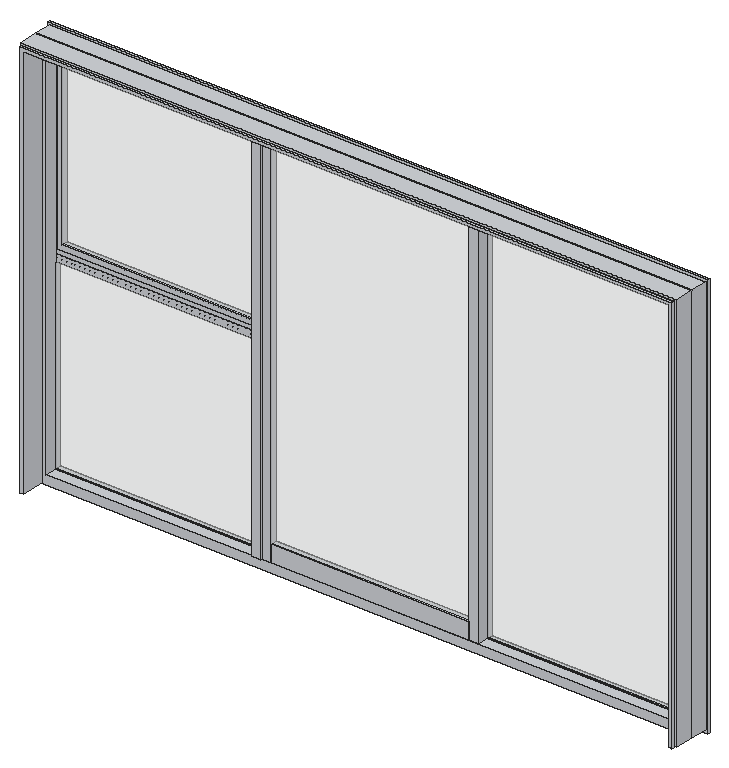
Revit family "APL Residential Thermal Heart Sliding Door FSF with Sidelight", category Doors, host Wall, Revit 2017 (continued)
Definition of nested family "APL Residential Thermal Heart Sliding Door FSF with Sidelight Vertical Section"
  Definition of nested family "Head Sash"
    Definition of nested family "65720_Sash"
      Lines and regions (mm)
        model lines, in view "Ref. Level"
          curve 39: arc (20.1, -5.753, 0) -> (20.126, -5.875, 0) -> (20.2, -5.976, 0) r 0.3
          curve 40: arc (20.2, -5.976, 0) -> (20.28, -6.307, 0) -> (20, -6.5, 0) r 0.3
          curve 41: arc (17.779, -5.957, 0) -> (17.69, -5.905, 0) -> (17.638, -5.816, 0) r 0.2
          curve 42: arc (17.593, -5.648, 0) -> (17.452, -5.507, 0) -> (17.259, -5.559, 0) r 0.2
          curve 43: arc (16.895, -5.922, 0) -> (16.835, -6.008, 0) -> (16.808, -6.108, 0) r 0.3
          curve 44: arc (16.601, -8.474, 0) -> (16.717, -8.738, 0) -> (17.003, -8.782, 0) r 0.3
          curve 45: arc (18.413, -8.268, 0) -> (18.539, -8.181, 0) -> (18.605, -8.043, 0) r 0.3
          curve 46: arc (18.605, -8.043, 0) -> (18.878, -7.801, 0) -> (19.183, -8, 0) r 0.3
          curve 47: arc (38.5, -8, 0) -> (38.855, -8.145, 0) -> (39, -8.5, 0) r 0.496
          curve 48: arc (37.5, -13.6, 0) -> (36.793, -13.893, 0) -> (36.5, -14.6, 0) r 1
          curve 49: arc (36.5, -15.098, 0) -> (37, -15.599, 0) -> (37.5, -15.099, 0) r 0.5
          curve 50: arc (39.4, -19.8, 0) -> (39.1, -20.1, 0) -> (39.4, -20.4, 0) r 0.3
          curve 51: arc (37.5, -24.002, 0) -> (37.354, -23.647, 0) -> (37, -23.5, 0) r 0.5
          curve 52: arc (36.001, -23.5, 0) -> (35.859, -23.441, 0) -> (35.8, -23.3, 0) r 0.2
          curve 53: arc (35.8, -23.308, 0) -> (35.697, -23.003, 0) -> (35.429, -22.825, 0) r 0.5
          curve 54: arc (34.552, -22.589, 0) -> (34.378, -22.624, 0) -> (34.3, -22.783, 0) r 0.2
          curve 55: arc (34.52, -24.835, 0) -> (34.588, -24.953, 0) -> (34.717, -25, 0) r 0.2
          curve 56: arc (36, -26.8, 0) -> (36.059, -26.941, 0) -> (36.2, -27, 0) r 0.2
          curve 57: arc (40.6, -27, 0) -> (40.741, -26.941, 0) -> (40.8, -26.8, 0) r 0.2
          curve 58: arc (40.8, 9.2, 0) -> (40.2, 9.801, 0) -> (39.6, 9.2, 0) r 0.6
          curve 59: arc (34.719, 4.17, 0) -> (34.38, 4.303, 0) -> (34.221, 4.63, 0) r 0.5
          curve 60: arc (34.221, 4.63, 0) -> (34.008, 5.519, 0) -> (33.531, 6.299, 0) r 2.93
          curve 61: arc (33.531, 6.299, 0) -> (33.518, 6.54, 0) -> (33.747, 6.618, 0) r 0.2
          curve 62: arc (33.747, 6.618, 0) -> (34.115, 6.712, 0) -> (34.181, 7.087, 0) r 0.35
          curve 63: arc (34.181, 7.087, 0) -> (33.629, 7.751, 0) -> (32.801, 8, 0) r 1.498
          curve 64: arc (19.183, 8, 0) -> (18.878, 7.801, 0) -> (18.605, 8.043, 0) r 0.3
          curve 65: arc (18.605, 8.043, 0) -> (18.539, 8.181, 0) -> (18.413, 8.268, 0) r 0.3
          curve 66: arc (17.003, 8.782, 0) -> (16.717, 8.738, 0) -> (16.601, 8.474, 0) r 0.3
          curve 67: arc (16.808, 6.108, 0) -> (16.835, 6.008, 0) -> (16.895, 5.922, 0) r 0.3
          curve 68: arc (17.259, 5.559, 0) -> (17.452, 5.507, 0) -> (17.593, 5.648, 0) r 0.2
          curve 69: arc (17.638, 5.816, 0) -> (17.69, 5.905, 0) -> (17.779, 5.957, 0) r 0.2
          curve 70: arc (20, 6.5, 0) -> (20.28, 6.307, 0) -> (20.2, 5.976, 0) r 0.3
          curve 71: arc (20.2, 5.976, 0) -> (20.126, 5.875, 0) -> (20.1, 5.753, 0) r 0.3
          curve 72: arc (20.294, 1.75, 0) -> (20.258, 1.578, 0) -> (20.1, 1.5, 0) r 0.2
          curve 73: arc (19.579, 1.5, 0) -> (19.498, 1.511, 0) -> (19.423, 1.544, 0) r 0.3
          curve 74: arc (18.169, 2.309, 0) -> (18.172, 2.479, 0) -> (18.066, 2.611, 0) r 0.25
          curve 75: arc (17.98, 2.663, 0) -> (17.728, 2.668, 0) -> (17.6, 2.45, 0) r 0.25
          curve 76: arc (17.6, 0.874, 0) -> (17.682, 0.477, 0) -> (17.915, 0.146, 0) r 1
          curve 77: arc (28.892, 6.6, 0) -> (29.073, 6.485, 0) -> (29.046, 6.272, 0) r 0.2
          curve 78: arc (29.046, 6.272, 0) -> (28.37, 4.41, 0) -> (29.034, 2.543, 0) r 2.93
          curve 79: arc (29.034, 2.543, 0) -> (30.019, 2.445, 0) -> (30.116, 3.43, 0) r 0.7
          curve 80: arc (30.116, 3.43, 0) -> (29.77, 4.4, 0) -> (30.116, 5.37, 0) r 1.53
          curve 81: arc (30.116, 5.37, 0) -> (30.208, 5.514, 0) -> (30.262, 5.676, 0) r 0.7
          curve 82: arc (30.262, 5.676, 0) -> (30.359, 5.888, 0) -> (30.541, 6.032, 0) r 0.5
          curve 83: arc (30.541, 6.032, 0) -> (31.3, 6.2, 0) -> (32.059, 6.032, 0) r 1.8
          curve 84: arc (32.059, 6.032, 0) -> (32.241, 5.888, 0) -> (32.338, 5.676, 0) r 0.5
          curve 85: arc (32.338, 5.676, 0) -> (32.392, 5.514, 0) -> (32.484, 5.37, 0) r 0.7
          curve 86: arc (32.484, 5.37, 0) -> (32.83, 4.4, 0) -> (32.484, 3.43, 0) r 1.53
          curve 87: arc (32.484, 3.43, 0) -> (32.581, 2.445, 0) -> (33.566, 2.543, 0) r 0.7
          curve 88: arc (33.566, 2.543, 0) -> (33.647, 2.645, 0) -> (33.722, 2.751, 0) r 2.93
          curve 89: arc (33.722, 2.751, 0) -> (33.902, 2.912, 0) -> (34.135, 2.97, 0) r 0.5
          curve 90: arc (38.899, 2.97, 0) -> (39.253, 2.824, 0) -> (39.4, 2.47, 0) r 0.5
          curve 91: arc (39.4, -6.3, 0) -> (39.254, -6.654, 0) -> (38.9, -6.8, 0) r 0.5
          curve 92: arc (22.502, -6.8, 0) -> (22.147, -6.654, 0) -> (22, -6.3, 0) r 0.5
          curve 93: line (17.6, -0.874, 0) -> (17.6, -2.45, 0)
          curve 94: line (18.169, -2.309, 0) -> (19.422, -1.544, 0)
          curve 95: line (19.422, -1.544, 0) -> (20.1, -1.5, 0)
          curve 96: line (20.294, -1.75, 0) -> (20.106, -2.475, 0)
          curve 97: line (20.106, -2.475, 0) -> (20.1, -5.753, 0)
          curve 98: line (19.846, -6.5, 0) -> (17.779, -5.957, 0)
          curve 99: line (17.779, -5.957, 0) -> (17.593, -5.648, 0)
          curve 100: line (17.259, -5.559, 0) -> (16.895, -5.922, 0)
          curve 101: line (16.808, -6.108, 0) -> (16.601, -8.474, 0)
          curve 102: line (17.003, -8.782, 0) -> (18.413, -8.268, 0)
          curve 103: line (19.183, -8, 0) -> (38.5, -8, 0)
          curve 104: line (39, -8.5, 0) -> (39, -13.6, 0)
          curve 105: line (39, -13.6, 0) -> (37.5, -13.6, 0)
          curve 106: line (36.5, -14.6, 0) -> (36.5, -15.098, 0)
          curve 107: line (37.5, -15.099, 0) -> (37.5, -14.6, 0)
          curve 108: line (37.5, -14.6, 0) -> (39.4, -14.6, 0)
          curve 109: line (39.4, -14.6, 0) -> (39.4, -19.8, 0)
          curve 110: line (39.4, -20.4, 0) -> (39.4, -25.6, 0)
          curve 111: line (39.4, -25.6, 0) -> (37.5, -25.6, 0)
          curve 112: line (37.5, -25.6, 0) -> (37.5, -24.002, 0)
          curve 113: line (37, -23.5, 0) -> (36.001, -23.5, 0)
          curve 114: line (35.429, -22.825, 0) -> (34.552, -22.589, 0)
          curve 115: line (34.3, -22.783, 0) -> (34.3, -23.589, 0)
          curve 116: line (34.3, -23.589, 0) -> (34.52, -24.835, 0)
          curve 117: line (34.717, -25, 0) -> (36, -25, 0)
          curve 118: line (36, -25, 0) -> (36, -26.8, 0)
          curve 119: line (36.2, -27, 0) -> (40.6, -27, 0)
          curve 120: line (40.8, -26.8, 0) -> (40.8, 9.2, 0)
          curve 121: line (39.6, 9.2, 0) -> (39.6, 4.17, 0)
          curve 122: line (39.6, 4.17, 0) -> (34.719, 4.17, 0)
          curve 123: line (32.801, 8, 0) -> (24.7, 8, 0)
          curve 124: line (24.7, 8, 0) -> (24.3, 7.6, 0)
          curve 125: line (24.3, 7.6, 0) -> (23.9, 8, 0)
          curve 126: line (23.9, 8, 0) -> (19.183, 8, 0)
          curve 127: line (18.413, 8.268, 0) -> (17.003, 8.782, 0)
          curve 128: line (16.601, 8.474, 0) -> (16.808, 6.108, 0)
          curve 129: line (16.895, 5.922, 0) -> (17.259, 5.559, 0)
          curve 130: line (17.593, 5.648, 0) -> (17.638, 5.816, 0)
          curve 131: line (17.638, 5.816, 0) -> (19.768, 6.49, 0)
          curve 132: line (19.768, 6.49, 0) -> (20, 6.5, 0)
          curve 133: line (20.1, 5.753, 0) -> (20.1, 2.525, 0)
          curve 134: line (20.1, 2.525, 0) -> (20.294, 1.75, 0)
          curve 135: line (20.1, 1.5, 0) -> (19.579, 1.5, 0)
          curve 136: line (19.579, 1.5, 0) -> (18.169, 2.309, 0)
          curve 137: line (17.6, 2.45, 0) -> (17.6, 0.874, 0)
          curve 138: line (22.5, 6.6, 0) -> (28.892, 6.6, 0)
          curve 139: line (34.135, 2.97, 0) -> (38.899, 2.97, 0)
          curve 140: line (39.4, 2.47, 0) -> (39.4, -6.3, 0)
          curve 141: line (38.9, -6.8, 0) -> (22.502, -6.8, 0)
          curve 142: line (22, -6.3, 0) -> (22, 6.1, 0)
          curve 143: arc (22, 6.1, 0) -> (22.146, 6.454, 0) -> (22.5, 6.6, 0) r 0.5
          curve 144: arc (12.714, 14.359, 0) -> (13.138, 14.183, 0) -> (13.314, 13.759, 0) r 0.6
          curve 145: arc (13.633, 5.978, 0) -> (13.937, 5.291, 0) -> (14.633, 5.009, 0) r 1
          curve 146: arc (17.054, 5.009, 0) -> (17.364, 5.05, 0) -> (17.654, 5.17, 0) r 1.2
          curve 147: arc (19.714, 6.209, 0) -> (19.996, 6.092, 0) -> (20.114, 5.809, 0) r 0.4
          curve 148: arc (20.014, 4.834, 0) -> (19.955, 4.693, 0) -> (19.814, 4.634, 0) r 0.2
          curve 149: arc (19.617, 4.653, 0) -> (19.041, 4.615, 0) -> (18.764, 4.109, 0) r 0.6
          curve 150: arc (18.764, 4.109, 0) -> (19.041, 3.603, 0) -> (19.617, 3.565, 0) r 0.6
          curve 151: arc (19.814, 3.584, 0) -> (19.955, 3.525, 0) -> (20.014, 3.384, 0) r 0.2
          curve 152: arc (20.114, 2.409, 0) -> (19.996, 2.126, 0) -> (19.714, 2.009, 0) r 0.4
          curve 153: arc (17.654, 3.048, 0) -> (17.364, 3.168, 0) -> (17.054, 3.209, 0) r 1.2
          curve 154: arc (8.374, 3.209, 0) -> (8.063, 3.168, 0) -> (7.774, 3.048, 0) r 1.2
          curve 155: arc (5.714, 2.009, 0) -> (5.431, 2.126, 0) -> (5.314, 2.409, 0) r 0.4
          curve 156: arc (5.414, 3.384, 0) -> (5.472, 3.525, 0) -> (5.614, 3.584, 0) r 0.2
          curve 157: arc (5.81, 3.565, 0) -> (6.386, 3.603, 0) -> (6.664, 4.109, 0) r 0.6
          curve 158: arc (6.664, 4.109, 0) -> (6.386, 4.615, 0) -> (5.81, 4.653, 0) r 0.6
          curve 159: arc (5.614, 4.634, 0) -> (5.472, 4.693, 0) -> (5.414, 4.834, 0) r 0.2
          curve 160: arc (5.314, 5.809, 0) -> (5.431, 6.092, 0) -> (5.714, 6.209, 0) r 0.4
          curve 161: arc (7.774, 5.17, 0) -> (8.063, 5.05, 0) -> (8.374, 5.009, 0) r 1.2
          curve 162: arc (10.794, 5.009, 0) -> (11.49, 5.291, 0) -> (11.794, 5.978, 0) r 1
          curve 163: line (13.314, 13.759, 0) -> (13.633, 5.978, 0)
          curve 164: line (14.633, 5.009, 0) -> (16.946, 5.009, 0)
          curve 165: line (17.654, 5.17, 0) -> (18.414, 5.609, 0)
          curve 166: line (18.414, 5.609, 0) -> (19.407, 6.182, 0)
          curve 167: line (19.407, 6.182, 0) -> (19.714, 6.209, 0)
          curve 168: line (20.114, 5.809, 0) -> (20.114, 5.309, 0)
          curve 169: line (20.114, 5.309, 0) -> (20.014, 4.834, 0)
          curve 170: line (20.014, 3.384, 0) -> (20.014, 3.009, 0)
          curve 171: line (20.014, 3.009, 0) -> (20.114, 2.409, 0)
          curve 172: line (19.714, 2.009, 0) -> (19.507, 2.009, 0)
          curve 173: line (19.507, 2.009, 0) -> (18.414, 2.609, 0)
          curve 174: line (18.414, 2.609, 0) -> (17.654, 3.048, 0)
          curve 175: line (16.946, 3.209, 0) -> (12.714, 3.209, 0)
          curve 176: line (12.714, 3.209, 0) -> (8.374, 3.209, 0)
          curve 177: line (7.774, 3.048, 0) -> (6.02, 2.036, 0)
          curve 178: line (6.02, 2.036, 0) -> (5.714, 2.009, 0)
          curve 179: line (5.314, 2.409, 0) -> (5.314, 2.909, 0)
          curve 180: line (5.314, 2.909, 0) -> (5.414, 3.384, 0)
          curve 181: line (5.414, 4.834, 0) -> (5.414, 5.209, 0)
          curve 182: line (5.414, 5.209, 0) -> (5.314, 5.809, 0)
          curve 183: line (5.714, 6.209, 0) -> (5.92, 6.209, 0)
          curve 184: line (5.92, 6.209, 0) -> (7.774, 5.17, 0)
          curve 185: line (8.374, 5.009, 0) -> (10.794, 5.009, 0)
          curve 186: line (11.794, 5.978, 0) -> (12.114, 13.768, 0)
          curve 187: arc (12.114, 13.768, 0) -> (12.293, 14.187, 0) -> (12.714, 14.359, 0) r 0.6
          curve 188: arc (5.3, -2.4, 0) -> (5.417, -2.117, 0) -> (5.7, -2, 0) r 0.4
          curve 189: arc (5.993, -2, 0) -> (6.096, -2.014, 0) -> (6.193, -2.054, 0) r 0.4
          curve 190: arc (7.721, -2.939, 0) -> (8.011, -3.059, 0) -> (8.322, -3.1, 0) r 1.2
          curve 191: arc (9.245, -3.1, 0) -> (9.818, -3.281, 0) -> (10.184, -3.758, 0) r 1
          curve 192: arc (10.977, -5.937, 0) -> (11.124, -6.128, 0) -> (11.353, -6.2, 0) r 0.4
          curve 193: arc (14.047, -6.2, 0) -> (14.276, -6.128, 0) -> (14.423, -5.937, 0) r 0.4
          curve 194: arc (15.216, -3.758, 0) -> (15.582, -3.281, 0) -> (16.155, -3.1, 0) r 1
          curve 195: arc (17.078, -3.1, 0) -> (17.389, -3.059, 0) -> (17.679, -2.939, 0) r 1.2
          curve 196: arc (19.207, -2.054, 0) -> (19.304, -2.014, 0) -> (19.407, -2, 0) r 0.4
          curve 197: arc (19.7, -2, 0) -> (19.983, -2.117, 0) -> (20.1, -2.4, 0) r 0.4
          curve 198: arc (20.1, -5.8, 0) -> (19.983, -6.083, 0) -> (19.7, -6.2, 0) r 0.4
          curve 199: arc (19.407, -6.2, 0) -> (19.304, -6.186, 0) -> (19.207, -6.146, 0) r 0.4
          curve 200: arc (17.679, -5.261, 0) -> (17.385, -5.14, 0) -> (17.07, -5.1, 0) r 1.2
          curve 201: arc (17.07, -5.1, 0) -> (16.895, -5.153, 0) -> (16.784, -5.297, 0) r 0.3
          curve 202: arc (15.896, -7.737, 0) -> (15.749, -7.928, 0) -> (15.52, -8, 0) r 0.4
          curve 203: arc (9.88, -8, 0) -> (9.651, -7.928, 0) -> (9.504, -7.737, 0) r 0.4
          curve 204: arc (8.616, -5.297, 0) -> (8.505, -5.153, 0) -> (8.33, -5.1, 0) r 0.3
          curve 205: arc (8.33, -5.1, 0) -> (8.015, -5.14, 0) -> (7.721, -5.261, 0) r 1.2
          curve 206: arc (6.193, -6.146, 0) -> (6.096, -6.186, 0) -> (5.993, -6.2, 0) r 0.4
          curve 207: arc (5.7, -6.2, 0) -> (5.417, -6.083, 0) -> (5.3, -5.8, 0) r 0.4
          curve 208: line (5.7, -2, 0) -> (5.993, -2, 0)
          curve 209: line (6.193, -2.054, 0) -> (7.721, -2.939, 0)
          curve 210: line (8.322, -3.1, 0) -> (9.245, -3.1, 0)
          curve 211: line (10.184, -3.758, 0) -> (10.977, -5.937, 0)
          curve 212: line (11.353, -6.2, 0) -> (14.047, -6.2, 0)
          curve 213: line (14.423, -5.937, 0) -> (15.216, -3.758, 0)
          curve 214: line (16.155, -3.1, 0) -> (17.078, -3.1, 0)
          curve 215: line (17.679, -2.939, 0) -> (19.207, -2.054, 0)
          curve 216: line (19.407, -2, 0) -> (19.7, -2, 0)
          curve 217: line (20.1, -2.4, 0) -> (20.1, -5.8, 0)
          curve 218: line (19.7, -6.2, 0) -> (19.407, -6.2, 0)
          curve 219: line (19.207, -6.146, 0) -> (17.679, -5.261, 0)
          curve 220: line (16.784, -5.297, 0) -> (15.896, -7.737, 0)
          curve 221: line (15.52, -8, 0) -> (9.88, -8, 0)
          curve 222: line (9.504, -7.737, 0) -> (8.616, -5.297, 0)
          curve 223: line (7.721, -5.261, 0) -> (6.193, -6.146, 0)
          curve 224: line (5.993, -6.2, 0) -> (5.7, -6.2, 0)
          curve 225: line (5.3, -5.8, 0) -> (5.3, -2.4, 0)
          curve 226: arc (7.8, -0.874, 0) -> (7.718, -0.477, 0) -> (7.485, -0.146, 0) r 1
          curve 227: arc (7.485, -0.146, 0) -> (7.422, 0, 0) -> (7.485, 0.146, 0) r 0.2
          curve 228: arc (7.485, 0.146, 0) -> (7.718, 0.477, 0) -> (7.8, 0.874, 0) r 1
          curve 229: arc (7.8, 2.449, 0) -> (7.673, 2.668, 0) -> (7.42, 2.663, 0) r 0.25
          curve 230: arc (7.334, 2.611, 0) -> (7.228, 2.479, 0) -> (7.231, 2.309, 0) r 0.25
          curve 231: arc (5.977, 1.544, 0) -> (5.902, 1.511, 0) -> (5.821, 1.5, 0) r 0.3
          curve 232: arc (5.3, 1.5, 0) -> (5.142, 1.578, 0) -> (5.106, 1.75, 0) r 0.2
          curve 233: arc (5.3, 5.753, 0) -> (5.274, 5.875, 0) -> (5.2, 5.976, 0) r 0.3
          curve 234: arc (5.2, 5.976, 0) -> (5.12, 6.307, 0) -> (5.4, 6.5, 0) r 0.3
          curve 235: arc (7.621, 5.957, 0) -> (7.71, 5.905, 0) -> (7.762, 5.816, 0) r 0.2
          curve 236: arc (7.807, 5.648, 0) -> (7.948, 5.507, 0) -> (8.141, 5.559, 0) r 0.2
          curve 237: arc (8.505, 5.922, 0) -> (8.565, 6.008, 0) -> (8.592, 6.108, 0) r 0.3
          curve 238: arc (8.799, 8.474, 0) -> (8.683, 8.738, 0) -> (8.397, 8.782, 0) r 0.3
          curve 239: arc (6.987, 8.268, 0) -> (6.861, 8.181, 0) -> (6.795, 8.043, 0) r 0.3
          curve 240: arc (6.795, 8.043, 0) -> (6.522, 7.801, 0) -> (6.217, 8, 0) r 0.3
          curve 241: arc (-3.3, 8, 0) -> (-4.007, 8.293, 0) -> (-4.3, 9, 0) r 1
          curve 242: arc (-4.3, 18.8, 0) -> (-4.241, 18.941, 0) -> (-4.1, 19, 0) r 0.2
          curve 243: arc (-3.2, 19, 0) -> (-2.493, 19.293, 0) -> (-2.2, 20, 0) r 1
          curve 244: arc (-2.2, 20.751, 0) -> (-2.7, 21.252, 0) -> (-3.2, 20.751, 0) r 0.5
          curve 245: arc (-3.2, 24.751, 0) -> (-2.7, 24.249, 0) -> (-2.2, 24.751, 0) r 0.5
          curve 246: arc (-2.2, 25.501, 0) -> (-2.493, 26.207, 0) -> (-3.199, 26.5, 0) r 0.999
          curve 247: arc (-4.7, 26.5, 0) -> (-5.407, 26.207, 0) -> (-5.7, 25.5, 0) r 1
          curve 248: arc (-5.7, -14.454, 0) -> (-5.548, -15.22, 0) -> (-5.114, -15.869, 0) r 2
          curve 249: arc (5.959, -26.941, 0) -> (6.177, -26.985, 0) -> (6.3, -26.8, 0) r 0.2
          curve 250: arc (6.3, -22.85, 0) -> (6.241, -22.709, 0) -> (6.1, -22.65, 0) r 0.2
          curve 251: arc (5.501, -22.65, 0) -> (5.359, -22.708, 0) -> (5.3, -22.85, 0) r 0.2
          curve 252: arc (5.3, -23.2, 0) -> (5.241, -23.341, 0) -> (5.1, -23.4, 0) r 0.201
          curve 253: arc (4.497, -23.4, 0) -> (4.357, -23.341, 0) -> (4.3, -23.2, 0) r 0.198
          curve 254: arc (4.3, -20.1, 0) -> (4.358, -19.96, 0) -> (4.497, -19.9, 0) r 0.2
          curve 255: arc (5.1, -19.9, 0) -> (5.241, -19.959, 0) -> (5.3, -20.1, 0) r 0.2
          curve 256: arc (5.3, -20.45, 0) -> (5.359, -20.591, 0) -> (5.5, -20.65, 0) r 0.2
          curve 257: arc (6.1, -20.65, 0) -> (6.241, -20.591, 0) -> (6.3, -20.45, 0) r 0.2
          curve 258: arc (6.3, -19.092, 0) -> (6.244, -18.951, 0) -> (6.1, -18.9, 0) r 0.184
          curve 259: arc (6.217, -8, 0) -> (6.522, -7.801, 0) -> (6.795, -8.043, 0) r 0.3
          curve 260: arc (6.795, -8.043, 0) -> (6.861, -8.181, 0) -> (6.987, -8.268, 0) r 0.3
          curve 261: arc (8.397, -8.782, 0) -> (8.683, -8.738, 0) -> (8.799, -8.474, 0) r 0.3
          curve 262: arc (8.592, -6.108, 0) -> (8.565, -6.008, 0) -> (8.505, -5.922, 0) r 0.3
          curve 263: arc (8.141, -5.559, 0) -> (7.948, -5.507, 0) -> (7.807, -5.648, 0) r 0.2
          curve 264: arc (7.762, -5.816, 0) -> (7.71, -5.905, 0) -> (7.621, -5.957, 0) r 0.2
          curve 265: arc (5.4, -6.5, 0) -> (5.12, -6.307, 0) -> (5.2, -5.976, 0) r 0.3
          curve 266: arc (5.2, -5.976, 0) -> (5.274, -5.875, 0) -> (5.3, -5.753, 0) r 0.3
          curve 267: arc (5.106, -1.75, 0) -> (5.142, -1.578, 0) -> (5.3, -1.5, 0) r 0.2
          curve 268: arc (5.82, -1.5, 0) -> (5.902, -1.511, 0) -> (5.977, -1.544, 0) r 0.3
          curve 269: arc (7.231, -2.309, 0) -> (7.228, -2.479, 0) -> (7.334, -2.611, 0) r 0.25
          curve 270: arc (7.42, -2.663, 0) -> (7.672, -2.668, 0) -> (7.8, -2.45, 0) r 0.25
          curve 271: arc (-0.454, 6.272, 0) -> (-0.427, 6.485, 0) -> (-0.608, 6.6, 0) r 0.2
          curve 272: arc (-3.4, 6.6, 0) -> (-4.107, 6.307, 0) -> (-4.4, 5.6, 0) r 1
          curve 273: arc (-4.4, -2.447, 0) -> (-4.254, -2.802, 0) -> (-3.9, -2.949, 0) r 0.5
          curve 274: arc (-2.4, -2.949, 0) -> (-1.693, -3.242, 0) -> (-1.4, -3.949, 0) r 1
          curve 275: arc (-1.4, -4.449, 0) -> (-1.9, -4.949, 0) -> (-2.4, -4.449, 0) r 0.5
          curve 276: arc (-4, -3.949, 0) -> (-4.283, -4.067, 0) -> (-4.4, -4.349, 0) r 0.4
          curve 277: arc (-4.4, -9.05, 0) -> (-4, -9.45, 0) -> (-4.4, -9.85, 0) r 0.4
          curve 278: arc (-4.4, -14.452, 0) -> (-4.347, -14.721, 0) -> (-4.195, -14.949, 0) r 0.7
          curve 279: arc (-2.4, -14.449, 0) -> (-1.9, -13.949, 0) -> (-1.4, -14.449, 0) r 0.5
          curve 280: arc (-1.4, -15.007, 0) -> (-1.602, -15.609, 0) -> (-2.125, -15.969, 0) r 1
          curve 281: arc (-2.125, -15.969, 0) -> (-2.472, -16.324, 0) -> (-2.341, -16.803, 0) r 0.5
          curve 282: arc (2.959, -22.103, 0) -> (3.177, -22.146, 0) -> (3.3, -21.962, 0) r 0.2
          curve 283: line (7.8, 0.874, 0) -> (7.8, 2.449, 0)
          curve 284: line (7.231, 2.309, 0) -> (5.977, 1.544, 0)
          curve 285: line (5.977, 1.544, 0) -> (5.3, 1.5, 0)
          curve 286: line (5.106, 1.75, 0) -> (5.294, 2.475, 0)
          curve 287: line (5.294, 2.475, 0) -> (5.3, 5.753, 0)
          curve 288: line (5.554, 6.5, 0) -> (7.621, 5.957, 0)
          curve 289: line (7.621, 5.957, 0) -> (7.807, 5.648, 0)
          curve 290: line (8.141, 5.559, 0) -> (8.505, 5.922, 0)
          curve 291: line (8.592, 6.108, 0) -> (8.799, 8.474, 0)
          curve 292: line (8.397, 8.782, 0) -> (6.987, 8.268, 0)
          curve 293: line (6.217, 8, 0) -> (-3.3, 8, 0)
          curve 294: line (-4.3, 9, 0) -> (-4.3, 18.8, 0)
          curve 295: line (-4.1, 19, 0) -> (-3.2, 19, 0)
          curve 296: line (-2.2, 20, 0) -> (-2.2, 20.751, 0)
          curve 297: line (-3.2, 20.751, 0) -> (-3.2, 20, 0)
          curve 298: line (-3.2, 20, 0) -> (-4.7, 20, 0)
          curve 299: line (-4.7, 20, 0) -> (-4.7, 25.5, 0)
          curve 300: line (-4.7, 25.5, 0) -> (-3.2, 25.5, 0)
          curve 301: line (-3.2, 25.5, 0) -> (-3.2, 24.751, 0)
          curve 302: line (-2.2, 24.751, 0) -> (-2.2, 25.501, 0)
          curve 303: line (-3.199, 26.5, 0) -> (-4.7, 26.5, 0)
          curve 304: line (-5.7, 25.5, 0) -> (-5.7, -14.454, 0)
          curve 305: line (-5.114, -15.869, 0) -> (5.959, -26.941, 0)
          curve 306: line (6.3, -26.8, 0) -> (6.3, -22.85, 0)
          curve 307: line (6.1, -22.65, 0) -> (5.501, -22.65, 0)
          curve 308: line (5.3, -22.85, 0) -> (5.3, -23.2, 0)
          curve 309: line (5.1, -23.4, 0) -> (4.497, -23.4, 0)
          curve 310: line (4.3, -23.2, 0) -> (4.3, -20.1, 0)
          curve 311: line (4.497, -19.9, 0) -> (5.1, -19.9, 0)
          curve 312: line (5.3, -20.1, 0) -> (5.3, -20.45, 0)
          curve 313: line (5.5, -20.65, 0) -> (6.1, -20.65, 0)
          curve 314: line (6.3, -20.45, 0) -> (6.3, -19.092, 0)
          curve 315: line (6.1, -18.9, 0) -> (4.6, -18.9, 0)
          curve 316: line (4.6, -18.9, 0) -> (4.6, -8, 0)
          curve 317: line (4.6, -8, 0) -> (6.217, -8, 0)
          curve 318: line (6.987, -8.268, 0) -> (8.397, -8.782, 0)
          curve 319: line (8.799, -8.474, 0) -> (8.592, -6.108, 0)
          curve 320: line (8.505, -5.922, 0) -> (8.141, -5.559, 0)
          curve 321: line (7.807, -5.648, 0) -> (7.762, -5.816, 0)
          curve 322: line (7.762, -5.816, 0) -> (5.632, -6.49, 0)
          curve 323: line (5.632, -6.49, 0) -> (5.4, -6.5, 0)
          curve 324: line (5.3, -5.753, 0) -> (5.3, -2.525, 0)
          curve 325: line (5.3, -2.525, 0) -> (5.106, -1.75, 0)
          curve 326: line (5.3, -1.5, 0) -> (5.82, -1.5, 0)
          curve 327: line (5.821, -1.5, 0) -> (7.231, -2.309, 0)
          curve 328: line (7.8, -2.45, 0) -> (7.8, -0.874, 0)
          curve 329: line (-0.608, 6.6, 0) -> (-3.4, 6.6, 0)
          curve 330: line (-4.4, 5.6, 0) -> (-4.4, -2.447, 0)
          curve 331: line (-3.9, -2.949, 0) -> (-2.4, -2.949, 0)
          curve 332: line (-1.4, -3.949, 0) -> (-1.4, -4.449, 0)
          curve 333: line (-2.4, -4.449, 0) -> (-2.4, -3.949, 0)
          curve 334: line (-2.4, -3.949, 0) -> (-4, -3.949, 0)
          curve 335: line (-4.4, -4.349, 0) -> (-4.4, -9.05, 0)
          curve 336: line (-4.4, -9.85, 0) -> (-4.4, -14.452, 0)
          curve 337: line (-4.195, -14.949, 0) -> (-2.4, -14.949, 0)
          curve 338: line (-2.4, -14.949, 0) -> (-2.4, -14.449, 0)
          curve 339: line (-1.4, -14.449, 0) -> (-1.4, -15.007, 0)
          curve 340: line (-2.341, -16.803, 0) -> (2.959, -22.103, 0)
          curve 341: line (3.3, -21.962, 0) -> (3.3, 2.193, 0)
          curve 342: arc (3.3, 2.193, 0) -> (3.272, 2.296, 0) -> (3.194, 2.37, 0) r 0.2
          curve 343: arc (3.194, 2.37, 0) -> (2.838, 2.85, 0) -> (2.984, 3.43, 0) r 0.7
          curve 344: arc (2.984, 3.43, 0) -> (3.33, 4.4, 0) -> (2.984, 5.37, 0) r 1.53
          curve 345: arc (2.984, 5.37, 0) -> (2.892, 5.514, 0) -> (2.838, 5.676, 0) r 0.7
          curve 346: arc (2.838, 5.676, 0) -> (2.741, 5.888, 0) -> (2.559, 6.032, 0) r 0.5
          curve 347: arc (2.559, 6.032, 0) -> (1.8, 6.2, 0) -> (1.041, 6.032, 0) r 1.8
          curve 348: arc (1.041, 6.032, 0) -> (0.859, 5.888, 0) -> (0.762, 5.676, 0) r 0.5
          curve 349: arc (0.762, 5.676, 0) -> (0.708, 5.514, 0) -> (0.616, 5.37, 0) r 0.7
          curve 350: arc (0.616, 5.37, 0) -> (0.27, 4.4, 0) -> (0.616, 3.43, 0) r 1.53
          curve 351: arc (0.616, 3.43, 0) -> (0.519, 2.445, 0) -> (-0.466, 2.543, 0) r 0.7
          curve 352: arc (-0.466, 2.543, 0) -> (-1.13, 4.41, 0) -> (-0.454, 6.272, 0) r 2.93
      Text (mm)
        text "65720" at (33.241, 33.025, 0), in view "Ref. Level"
  Definition of nested family "Sash Mullion-Transom"
    Reference planes
      plane 1 "Center (Front/Back)": y = 0
      plane 2: z = 0
      plane 3 "Center (Left/Right)": x = 0
    Dimensions and locks
      nested 1 to nested 2 = 13 mm
      nested 1 to nested 2 = 6.4 mm
    Nested families
      nested 1: "65720_Sash" at (-40.8, 31, 0), type "65720_Sash", in view "Ref. Level"
      nested 2: "65100_Mullion&Transom" at (0.2, 0, 0), type "65100_Mullion&Transom", in view "Ref. Level"
    Definition of nested family "65720_Sash"
      Reference planes
        plane 1 "Center (Front/Back)": y = 0
        plane 2: z = 0
        plane 3 "Center (Left/Right)": x = 0
      Lines and regions (mm)
        detail lines, in view "Ref. Level", not visible
          curve 1: arc (33.161, -9.933, 0) -> (32.851, -9.793, 0) -> (32.689, -10.092, 0) r 0.25
          curve 2: arc (32.715, -19.98, 0) -> (32.877, -20.279, 0) -> (33.188, -20.139, 0) r 0.25
          curve 3: line (32.689, -10.092, 0) -> (33.683, -13.959, 0)
          curve 4: line (33.683, -13.959, 0) -> (32.679, -14.539, 0)
          curve 5: line (32.679, -14.539, 0) -> (32.679, -15.539, 0)
          curve 6: line (32.679, -15.539, 0) -> (33.705, -16.131, 0)
          curve 7: line (33.705, -16.131, 0) -> (32.715, -19.98, 0)
          curve 8: line (33.188, -20.139, 0) -> (34.912, -16.039, 0)
          curve 9: line (34.912, -16.039, 0) -> (36.179, -16.039, 0)
          curve 10: line (36.179, -16.039, 0) -> (36.179, -17.289, 0)
          curve 11: line (36.179, -17.289, 0) -> (37.179, -17.289, 0)
          curve 12: line (37.179, -17.289, 0) -> (37.179, -12.789, 0)
          curve 13: line (37.179, -12.789, 0) -> (36.179, -12.789, 0)
          curve 14: line (36.179, -12.789, 0) -> (36.179, -14.039, 0)
          curve 15: line (36.179, -14.039, 0) -> (34.887, -14.039, 0)
          curve 16: line (34.887, -14.039, 0) -> (33.161, -9.933, 0)
        model lines, in view "Ref. Level"
          curve 17: arc (17.915, 0.146, 0) -> (17.978, 0, 0) -> (17.915, -0.146, 0) r 0.2
          curve 18: arc (17.915, -0.146, 0) -> (17.682, -0.477, 0) -> (17.6, -0.874, 0) r 1
          curve 19: arc (17.6, -2.45, 0) -> (17.728, -2.668, 0) -> (17.98, -2.663, 0) r 0.25
          curve 20: arc (18.066, -2.611, 0) -> (18.172, -2.479, 0) -> (18.169, -2.309, 0) r 0.25
          curve 21: arc (19.422, -1.544, 0) -> (19.498, -1.511, 0) -> (19.579, -1.5, 0) r 0.3
          curve 22: arc (20.1, -1.5, 0) -> (20.258, -1.578, 0) -> (20.294, -1.75, 0) r 0.2
          curve 23: arc (20.1, -5.753, 0) -> (20.126, -5.875, 0) -> (20.2, -5.976, 0) r 0.3
          curve 24: arc (20.2, -5.976, 0) -> (20.28, -6.307, 0) -> (20, -6.5, 0) r 0.3
          curve 25: arc (17.779, -5.957, 0) -> (17.69, -5.905, 0) -> (17.638, -5.816, 0) r 0.2
          curve 26: arc (17.593, -5.648, 0) -> (17.452, -5.507, 0) -> (17.259, -5.559, 0) r 0.2
          curve 27: arc (16.895, -5.922, 0) -> (16.835, -6.008, 0) -> (16.808, -6.108, 0) r 0.3
          curve 28: arc (16.601, -8.474, 0) -> (16.717, -8.738, 0) -> (17.003, -8.782, 0) r 0.3
          curve 29: arc (18.413, -8.268, 0) -> (18.539, -8.181, 0) -> (18.605, -8.043, 0) r 0.3
          curve 30: arc (18.605, -8.043, 0) -> (18.878, -7.801, 0) -> (19.183, -8, 0) r 0.3
          curve 31: arc (38.5, -8, 0) -> (38.855, -8.145, 0) -> (39, -8.5, 0) r 0.496
          curve 32: arc (37.5, -13.6, 0) -> (36.793, -13.893, 0) -> (36.5, -14.6, 0) r 1
          curve 33: arc (36.5, -15.098, 0) -> (37, -15.599, 0) -> (37.5, -15.099, 0) r 0.5
          curve 34: arc (39.4, -19.8, 0) -> (39.1, -20.1, 0) -> (39.4, -20.4, 0) r 0.3
          curve 35: arc (37.5, -24.002, 0) -> (37.354, -23.647, 0) -> (37, -23.5, 0) r 0.5
          curve 36: arc (36.001, -23.5, 0) -> (35.859, -23.441, 0) -> (35.8, -23.3, 0) r 0.2
          curve 37: arc (35.8, -23.308, 0) -> (35.697, -23.003, 0) -> (35.429, -22.825, 0) r 0.5
          curve 38: arc (34.552, -22.589, 0) -> (34.378, -22.624, 0) -> (34.3, -22.783, 0) r 0.2
          curve 39: arc (34.52, -24.835, 0) -> (34.588, -24.953, 0) -> (34.717, -25, 0) r 0.2
          curve 40: arc (36, -26.8, 0) -> (36.059, -26.941, 0) -> (36.2, -27, 0) r 0.2
          curve 41: arc (40.6, -27, 0) -> (40.741, -26.941, 0) -> (40.8, -26.8, 0) r 0.2
          curve 42: arc (40.8, 9.2, 0) -> (40.2, 9.801, 0) -> (39.6, 9.2, 0) r 0.6
          curve 43: arc (34.719, 4.17, 0) -> (34.38, 4.303, 0) -> (34.221, 4.63, 0) r 0.5
          curve 44: arc (34.221, 4.63, 0) -> (34.008, 5.519, 0) -> (33.531, 6.299, 0) r 2.93
          curve 45: arc (33.531, 6.299, 0) -> (33.518, 6.54, 0) -> (33.747, 6.618, 0) r 0.2
          curve 46: arc (33.747, 6.618, 0) -> (34.115, 6.712, 0) -> (34.181, 7.087, 0) r 0.35
          curve 47: arc (34.181, 7.087, 0) -> (33.629, 7.751, 0) -> (32.801, 8, 0) r 1.498
          curve 48: arc (19.183, 8, 0) -> (18.878, 7.801, 0) -> (18.605, 8.043, 0) r 0.3
          curve 49: arc (18.605, 8.043, 0) -> (18.539, 8.181, 0) -> (18.413, 8.268, 0) r 0.3
          curve 50: arc (17.003, 8.782, 0) -> (16.717, 8.738, 0) -> (16.601, 8.474, 0) r 0.3
          curve 51: arc (16.808, 6.108, 0) -> (16.835, 6.008, 0) -> (16.895, 5.922, 0) r 0.3
          curve 52: arc (17.259, 5.559, 0) -> (17.452, 5.507, 0) -> (17.593, 5.648, 0) r 0.2
          curve 53: arc (17.638, 5.816, 0) -> (17.69, 5.905, 0) -> (17.779, 5.957, 0) r 0.2
          curve 54: arc (20, 6.5, 0) -> (20.28, 6.307, 0) -> (20.2, 5.976, 0) r 0.3
          curve 55: arc (20.2, 5.976, 0) -> (20.126, 5.875, 0) -> (20.1, 5.753, 0) r 0.3
          curve 56: arc (20.294, 1.75, 0) -> (20.258, 1.578, 0) -> (20.1, 1.5, 0) r 0.2
          curve 57: arc (19.579, 1.5, 0) -> (19.498, 1.511, 0) -> (19.423, 1.544, 0) r 0.3
          curve 58: arc (18.169, 2.309, 0) -> (18.172, 2.479, 0) -> (18.066, 2.611, 0) r 0.25
          curve 59: arc (17.98, 2.663, 0) -> (17.728, 2.668, 0) -> (17.6, 2.45, 0) r 0.25
          curve 60: arc (17.6, 0.874, 0) -> (17.682, 0.477, 0) -> (17.915, 0.146, 0) r 1
          curve 61: arc (28.892, 6.6, 0) -> (29.073, 6.485, 0) -> (29.046, 6.272, 0) r 0.2
          curve 62: arc (29.046, 6.272, 0) -> (28.37, 4.41, 0) -> (29.034, 2.543, 0) r 2.93
          curve 63: arc (29.034, 2.543, 0) -> (30.019, 2.445, 0) -> (30.116, 3.43, 0) r 0.7
          curve 64: arc (30.116, 3.43, 0) -> (29.77, 4.4, 0) -> (30.116, 5.37, 0) r 1.53
          curve 65: arc (30.116, 5.37, 0) -> (30.208, 5.514, 0) -> (30.262, 5.676, 0) r 0.7
          curve 66: arc (30.262, 5.676, 0) -> (30.359, 5.888, 0) -> (30.541, 6.032, 0) r 0.5
          curve 67: arc (30.541, 6.032, 0) -> (31.3, 6.2, 0) -> (32.059, 6.032, 0) r 1.8
          curve 68: arc (32.059, 6.032, 0) -> (32.241, 5.888, 0) -> (32.338, 5.676, 0) r 0.5
          curve 69: arc (32.338, 5.676, 0) -> (32.392, 5.514, 0) -> (32.484, 5.37, 0) r 0.7
          curve 70: arc (32.484, 5.37, 0) -> (32.83, 4.4, 0) -> (32.484, 3.43, 0) r 1.53
          curve 71: arc (32.484, 3.43, 0) -> (32.581, 2.445, 0) -> (33.566, 2.543, 0) r 0.7
          curve 72: arc (33.566, 2.543, 0) -> (33.647, 2.645, 0) -> (33.722, 2.751, 0) r 2.93
          curve 73: arc (33.722, 2.751, 0) -> (33.902, 2.912, 0) -> (34.135, 2.97, 0) r 0.5
          curve 74: arc (38.899, 2.97, 0) -> (39.253, 2.824, 0) -> (39.4, 2.47, 0) r 0.5
          curve 75: arc (39.4, -6.3, 0) -> (39.254, -6.654, 0) -> (38.9, -6.8, 0) r 0.5
          curve 76: arc (22.502, -6.8, 0) -> (22.147, -6.654, 0) -> (22, -6.3, 0) r 0.5
          curve 77: line (17.6, -0.874, 0) -> (17.6, -2.45, 0)
          curve 78: line (18.169, -2.309, 0) -> (19.422, -1.544, 0)
          curve 79: line (19.422, -1.544, 0) -> (20.1, -1.5, 0)
          curve 80: line (20.294, -1.75, 0) -> (20.106, -2.475, 0)
          curve 81: line (20.106, -2.475, 0) -> (20.1, -5.753, 0)
          curve 82: line (19.846, -6.5, 0) -> (17.779, -5.957, 0)
          curve 83: line (17.779, -5.957, 0) -> (17.593, -5.648, 0)
          curve 84: line (17.259, -5.559, 0) -> (16.895, -5.922, 0)
          curve 85: line (16.808, -6.108, 0) -> (16.601, -8.474, 0)
          curve 86: line (17.003, -8.782, 0) -> (18.413, -8.268, 0)
          curve 87: line (19.183, -8, 0) -> (38.5, -8, 0)
          curve 88: line (39, -8.5, 0) -> (39, -13.6, 0)
          curve 89: line (39, -13.6, 0) -> (37.5, -13.6, 0)
          curve 90: line (36.5, -14.6, 0) -> (36.5, -15.098, 0)
          curve 91: line (37.5, -15.099, 0) -> (37.5, -14.6, 0)
          curve 92: line (37.5, -14.6, 0) -> (39.4, -14.6, 0)
          curve 93: line (39.4, -14.6, 0) -> (39.4, -19.8, 0)
          curve 94: line (39.4, -20.4, 0) -> (39.4, -25.6, 0)
          curve 95: line (39.4, -25.6, 0) -> (37.5, -25.6, 0)
          curve 96: line (37.5, -25.6, 0) -> (37.5, -24.002, 0)
          curve 97: line (37, -23.5, 0) -> (36.001, -23.5, 0)
          curve 98: line (35.429, -22.825, 0) -> (34.552, -22.589, 0)
          curve 99: line (34.3, -22.783, 0) -> (34.3, -23.589, 0)
          curve 100: line (34.3, -23.589, 0) -> (34.52, -24.835, 0)
          curve 101: line (34.717, -25, 0) -> (36, -25, 0)
          curve 102: line (36, -25, 0) -> (36, -26.8, 0)
          curve 103: line (36.2, -27, 0) -> (40.6, -27, 0)
          curve 104: line (40.8, -26.8, 0) -> (40.8, 9.2, 0)
          curve 105: line (39.6, 9.2, 0) -> (39.6, 4.17, 0)
          curve 106: line (39.6, 4.17, 0) -> (34.719, 4.17, 0)
          curve 107: line (32.801, 8, 0) -> (24.7, 8, 0)
          curve 108: line (24.7, 8, 0) -> (24.3, 7.6, 0)
          curve 109: line (24.3, 7.6, 0) -> (23.9, 8, 0)
          curve 110: line (23.9, 8, 0) -> (19.183, 8, 0)
          curve 111: line (18.413, 8.268, 0) -> (17.003, 8.782, 0)
          curve 112: line (16.601, 8.474, 0) -> (16.808, 6.108, 0)
          curve 113: line (16.895, 5.922, 0) -> (17.259, 5.559, 0)
          curve 114: line (17.593, 5.648, 0) -> (17.638, 5.816, 0)
          curve 115: line (17.638, 5.816, 0) -> (19.768, 6.49, 0)
          curve 116: line (19.768, 6.49, 0) -> (20, 6.5, 0)
          curve 117: line (20.1, 5.753, 0) -> (20.1, 2.525, 0)
          curve 118: line (20.1, 2.525, 0) -> (20.294, 1.75, 0)
          curve 119: line (20.1, 1.5, 0) -> (19.579, 1.5, 0)
          curve 120: line (19.579, 1.5, 0) -> (18.169, 2.309, 0)
          curve 121: line (17.6, 2.45, 0) -> (17.6, 0.874, 0)
          curve 122: line (22.5, 6.6, 0) -> (28.892, 6.6, 0)
          curve 123: line (34.135, 2.97, 0) -> (38.899, 2.97, 0)
          curve 124: line (39.4, 2.47, 0) -> (39.4, -6.3, 0)
          curve 125: line (38.9, -6.8, 0) -> (22.502, -6.8, 0)
          curve 126: line (22, -6.3, 0) -> (22, 6.1, 0)
          curve 127: arc (22, 6.1, 0) -> (22.146, 6.454, 0) -> (22.5, 6.6, 0) r 0.5
          curve 128: arc (12.714, 14.359, 0) -> (13.138, 14.183, 0) -> (13.314, 13.759, 0) r 0.6
          curve 129: arc (13.633, 5.978, 0) -> (13.937, 5.291, 0) -> (14.633, 5.009, 0) r 1
          curve 130: arc (17.054, 5.009, 0) -> (17.364, 5.05, 0) -> (17.654, 5.17, 0) r 1.2
          curve 131: arc (19.714, 6.209, 0) -> (19.996, 6.092, 0) -> (20.114, 5.809, 0) r 0.4
          curve 132: arc (20.014, 4.834, 0) -> (19.955, 4.693, 0) -> (19.814, 4.634, 0) r 0.2
          curve 133: arc (19.617, 4.653, 0) -> (19.041, 4.615, 0) -> (18.764, 4.109, 0) r 0.6
          curve 134: arc (18.764, 4.109, 0) -> (19.041, 3.603, 0) -> (19.617, 3.565, 0) r 0.6
          curve 135: arc (19.814, 3.584, 0) -> (19.955, 3.525, 0) -> (20.014, 3.384, 0) r 0.2
          curve 136: arc (20.114, 2.409, 0) -> (19.996, 2.126, 0) -> (19.714, 2.009, 0) r 0.4
          curve 137: arc (17.654, 3.048, 0) -> (17.364, 3.168, 0) -> (17.054, 3.209, 0) r 1.2
          curve 138: arc (8.374, 3.209, 0) -> (8.063, 3.168, 0) -> (7.774, 3.048, 0) r 1.2
          curve 139: arc (5.714, 2.009, 0) -> (5.431, 2.126, 0) -> (5.314, 2.409, 0) r 0.4
          curve 140: arc (5.414, 3.384, 0) -> (5.472, 3.525, 0) -> (5.614, 3.584, 0) r 0.2
          curve 141: arc (5.81, 3.565, 0) -> (6.386, 3.603, 0) -> (6.664, 4.109, 0) r 0.6
          curve 142: arc (6.664, 4.109, 0) -> (6.386, 4.615, 0) -> (5.81, 4.653, 0) r 0.6
          curve 143: arc (5.614, 4.634, 0) -> (5.472, 4.693, 0) -> (5.414, 4.834, 0) r 0.2
          curve 144: arc (5.314, 5.809, 0) -> (5.431, 6.092, 0) -> (5.714, 6.209, 0) r 0.4
          curve 145: arc (7.774, 5.17, 0) -> (8.063, 5.05, 0) -> (8.374, 5.009, 0) r 1.2
          curve 146: arc (10.794, 5.009, 0) -> (11.49, 5.291, 0) -> (11.794, 5.978, 0) r 1
          curve 147: line (13.314, 13.759, 0) -> (13.633, 5.978, 0)
          curve 148: line (14.633, 5.009, 0) -> (16.946, 5.009, 0)
          curve 149: line (17.654, 5.17, 0) -> (18.414, 5.609, 0)
          curve 150: line (18.414, 5.609, 0) -> (19.407, 6.182, 0)
          curve 151: line (19.407, 6.182, 0) -> (19.714, 6.209, 0)
          curve 152: line (20.114, 5.809, 0) -> (20.114, 5.309, 0)
          curve 153: line (20.114, 5.309, 0) -> (20.014, 4.834, 0)
          curve 154: line (20.014, 3.384, 0) -> (20.014, 3.009, 0)
          curve 155: line (20.014, 3.009, 0) -> (20.114, 2.409, 0)
          curve 156: line (19.714, 2.009, 0) -> (19.507, 2.009, 0)
          curve 157: line (19.507, 2.009, 0) -> (18.414, 2.609, 0)
          curve 158: line (18.414, 2.609, 0) -> (17.654, 3.048, 0)
          curve 159: line (16.946, 3.209, 0) -> (12.714, 3.209, 0)
          curve 160: line (12.714, 3.209, 0) -> (8.374, 3.209, 0)
          curve 161: line (7.774, 3.048, 0) -> (6.02, 2.036, 0)
          curve 162: line (6.02, 2.036, 0) -> (5.714, 2.009, 0)
          curve 163: line (5.314, 2.409, 0) -> (5.314, 2.909, 0)
          curve 164: line (5.314, 2.909, 0) -> (5.414, 3.384, 0)
          curve 165: line (5.414, 4.834, 0) -> (5.414, 5.209, 0)
          curve 166: line (5.414, 5.209, 0) -> (5.314, 5.809, 0)
          curve 167: line (5.714, 6.209, 0) -> (5.92, 6.209, 0)
          curve 168: line (5.92, 6.209, 0) -> (7.774, 5.17, 0)
          curve 169: line (8.374, 5.009, 0) -> (10.794, 5.009, 0)
          curve 170: line (11.794, 5.978, 0) -> (12.114, 13.768, 0)
          curve 171: arc (12.114, 13.768, 0) -> (12.293, 14.187, 0) -> (12.714, 14.359, 0) r 0.6
          curve 172: arc (5.3, -2.4, 0) -> (5.417, -2.117, 0) -> (5.7, -2, 0) r 0.4
          curve 173: arc (5.993, -2, 0) -> (6.096, -2.014, 0) -> (6.193, -2.054, 0) r 0.4
          curve 174: arc (7.721, -2.939, 0) -> (8.011, -3.059, 0) -> (8.322, -3.1, 0) r 1.2
          curve 175: arc (9.245, -3.1, 0) -> (9.818, -3.281, 0) -> (10.184, -3.758, 0) r 1
          curve 176: arc (10.977, -5.937, 0) -> (11.124, -6.128, 0) -> (11.353, -6.2, 0) r 0.4
          curve 177: arc (14.047, -6.2, 0) -> (14.276, -6.128, 0) -> (14.423, -5.937, 0) r 0.4
          curve 178: arc (15.216, -3.758, 0) -> (15.582, -3.281, 0) -> (16.155, -3.1, 0) r 1
          curve 179: arc (17.078, -3.1, 0) -> (17.389, -3.059, 0) -> (17.679, -2.939, 0) r 1.2
          curve 180: arc (19.207, -2.054, 0) -> (19.304, -2.014, 0) -> (19.407, -2, 0) r 0.4
          curve 181: arc (19.7, -2, 0) -> (19.983, -2.117, 0) -> (20.1, -2.4, 0) r 0.4
          curve 182: arc (20.1, -5.8, 0) -> (19.983, -6.083, 0) -> (19.7, -6.2, 0) r 0.4
          curve 183: arc (19.407, -6.2, 0) -> (19.304, -6.186, 0) -> (19.207, -6.146, 0) r 0.4
          curve 184: arc (17.679, -5.261, 0) -> (17.385, -5.14, 0) -> (17.07, -5.1, 0) r 1.2
          curve 185: arc (17.07, -5.1, 0) -> (16.895, -5.153, 0) -> (16.784, -5.297, 0) r 0.3
          curve 186: arc (15.896, -7.737, 0) -> (15.749, -7.928, 0) -> (15.52, -8, 0) r 0.4
          curve 187: arc (9.88, -8, 0) -> (9.651, -7.928, 0) -> (9.504, -7.737, 0) r 0.4
          curve 188: arc (8.616, -5.297, 0) -> (8.505, -5.153, 0) -> (8.33, -5.1, 0) r 0.3
          curve 189: arc (8.33, -5.1, 0) -> (8.015, -5.14, 0) -> (7.721, -5.261, 0) r 1.2
          curve 190: arc (6.193, -6.146, 0) -> (6.096, -6.186, 0) -> (5.993, -6.2, 0) r 0.4
          curve 191: arc (5.7, -6.2, 0) -> (5.417, -6.083, 0) -> (5.3, -5.8, 0) r 0.4
          curve 192: line (5.7, -2, 0) -> (5.993, -2, 0)
          curve 193: line (6.193, -2.054, 0) -> (7.721, -2.939, 0)
          curve 194: line (8.322, -3.1, 0) -> (9.245, -3.1, 0)
          curve 195: line (10.184, -3.758, 0) -> (10.977, -5.937, 0)
          curve 196: line (11.353, -6.2, 0) -> (14.047, -6.2, 0)
          curve 197: line (14.423, -5.937, 0) -> (15.216, -3.758, 0)
          curve 198: line (16.155, -3.1, 0) -> (17.078, -3.1, 0)
          curve 199: line (17.679, -2.939, 0) -> (19.207, -2.054, 0)
          curve 200: line (19.407, -2, 0) -> (19.7, -2, 0)
          curve 201: line (20.1, -2.4, 0) -> (20.1, -5.8, 0)
          curve 202: line (19.7, -6.2, 0) -> (19.407, -6.2, 0)
          curve 203: line (19.207, -6.146, 0) -> (17.679, -5.261, 0)
          curve 204: line (16.784, -5.297, 0) -> (15.896, -7.737, 0)
          curve 205: line (15.52, -8, 0) -> (9.88, -8, 0)
          curve 206: line (9.504, -7.737, 0) -> (8.616, -5.297, 0)
          curve 207: line (7.721, -5.261, 0) -> (6.193, -6.146, 0)
          curve 208: line (5.993, -6.2, 0) -> (5.7, -6.2, 0)
          curve 209: line (5.3, -5.8, 0) -> (5.3, -2.4, 0)
          curve 210: arc (7.8, -0.874, 0) -> (7.718, -0.477, 0) -> (7.485, -0.146, 0) r 1
          curve 211: arc (7.485, -0.146, 0) -> (7.422, 0, 0) -> (7.485, 0.146, 0) r 0.2
          curve 212: arc (7.485, 0.146, 0) -> (7.718, 0.477, 0) -> (7.8, 0.874, 0) r 1
          curve 213: arc (7.8, 2.449, 0) -> (7.673, 2.668, 0) -> (7.42, 2.663, 0) r 0.25
          curve 214: arc (7.334, 2.611, 0) -> (7.228, 2.479, 0) -> (7.231, 2.309, 0) r 0.25
          curve 215: arc (5.977, 1.544, 0) -> (5.902, 1.511, 0) -> (5.821, 1.5, 0) r 0.3
          curve 216: arc (5.3, 1.5, 0) -> (5.142, 1.578, 0) -> (5.106, 1.75, 0) r 0.2
          curve 217: arc (5.3, 5.753, 0) -> (5.274, 5.875, 0) -> (5.2, 5.976, 0) r 0.3
          curve 218: arc (5.2, 5.976, 0) -> (5.12, 6.307, 0) -> (5.4, 6.5, 0) r 0.3
          curve 219: arc (7.621, 5.957, 0) -> (7.71, 5.905, 0) -> (7.762, 5.816, 0) r 0.2
          curve 220: arc (7.807, 5.648, 0) -> (7.948, 5.507, 0) -> (8.141, 5.559, 0) r 0.2
          curve 221: arc (8.505, 5.922, 0) -> (8.565, 6.008, 0) -> (8.592, 6.108, 0) r 0.3
          curve 222: arc (8.799, 8.474, 0) -> (8.683, 8.738, 0) -> (8.397, 8.782, 0) r 0.3
          curve 223: arc (6.987, 8.268, 0) -> (6.861, 8.181, 0) -> (6.795, 8.043, 0) r 0.3
          curve 224: arc (6.795, 8.043, 0) -> (6.522, 7.801, 0) -> (6.217, 8, 0) r 0.3
          curve 225: arc (-3.3, 8, 0) -> (-4.007, 8.293, 0) -> (-4.3, 9, 0) r 1
          curve 226: arc (-4.3, 18.8, 0) -> (-4.241, 18.941, 0) -> (-4.1, 19, 0) r 0.2
          curve 227: arc (-3.2, 19, 0) -> (-2.493, 19.293, 0) -> (-2.2, 20, 0) r 1
          curve 228: arc (-2.2, 20.751, 0) -> (-2.7, 21.252, 0) -> (-3.2, 20.751, 0) r 0.5
          curve 229: arc (-3.2, 24.751, 0) -> (-2.7, 24.249, 0) -> (-2.2, 24.751, 0) r 0.5
          curve 230: arc (-2.2, 25.501, 0) -> (-2.493, 26.207, 0) -> (-3.199, 26.5, 0) r 0.999
          curve 231: arc (-4.7, 26.5, 0) -> (-5.407, 26.207, 0) -> (-5.7, 25.5, 0) r 1
          curve 232: arc (-5.7, -14.454, 0) -> (-5.548, -15.22, 0) -> (-5.114, -15.869, 0) r 2
          curve 233: arc (5.959, -26.941, 0) -> (6.177, -26.985, 0) -> (6.3, -26.8, 0) r 0.2
          curve 234: arc (6.3, -22.85, 0) -> (6.241, -22.709, 0) -> (6.1, -22.65, 0) r 0.2
          curve 235: arc (5.501, -22.65, 0) -> (5.359, -22.708, 0) -> (5.3, -22.85, 0) r 0.2
          curve 236: arc (5.3, -23.2, 0) -> (5.241, -23.341, 0) -> (5.1, -23.4, 0) r 0.201
          curve 237: arc (4.497, -23.4, 0) -> (4.357, -23.341, 0) -> (4.3, -23.2, 0) r 0.198
          curve 238: arc (4.3, -20.1, 0) -> (4.358, -19.96, 0) -> (4.497, -19.9, 0) r 0.2
          curve 239: arc (5.1, -19.9, 0) -> (5.241, -19.959, 0) -> (5.3, -20.1, 0) r 0.2
          curve 240: arc (5.3, -20.45, 0) -> (5.359, -20.591, 0) -> (5.5, -20.65, 0) r 0.2
          curve 241: arc (6.1, -20.65, 0) -> (6.241, -20.591, 0) -> (6.3, -20.45, 0) r 0.2
          curve 242: arc (6.3, -19.092, 0) -> (6.244, -18.951, 0) -> (6.1, -18.9, 0) r 0.184
          curve 243: arc (6.217, -8, 0) -> (6.522, -7.801, 0) -> (6.795, -8.043, 0) r 0.3
          curve 244: arc (6.795, -8.043, 0) -> (6.861, -8.181, 0) -> (6.987, -8.268, 0) r 0.3
          curve 245: arc (8.397, -8.782, 0) -> (8.683, -8.738, 0) -> (8.799, -8.474, 0) r 0.3
          curve 246: arc (8.592, -6.108, 0) -> (8.565, -6.008, 0) -> (8.505, -5.922, 0) r 0.3
          curve 247: arc (8.141, -5.559, 0) -> (7.948, -5.507, 0) -> (7.807, -5.648, 0) r 0.2
          curve 248: arc (7.762, -5.816, 0) -> (7.71, -5.905, 0) -> (7.621, -5.957, 0) r 0.2
          curve 249: arc (5.4, -6.5, 0) -> (5.12, -6.307, 0) -> (5.2, -5.976, 0) r 0.3
          curve 250: arc (5.2, -5.976, 0) -> (5.274, -5.875, 0) -> (5.3, -5.753, 0) r 0.3
          curve 251: arc (5.106, -1.75, 0) -> (5.142, -1.578, 0) -> (5.3, -1.5, 0) r 0.2
          curve 252: arc (5.82, -1.5, 0) -> (5.902, -1.511, 0) -> (5.977, -1.544, 0) r 0.3
          curve 253: arc (7.231, -2.309, 0) -> (7.228, -2.479, 0) -> (7.334, -2.611, 0) r 0.25
          curve 254: arc (7.42, -2.663, 0) -> (7.672, -2.668, 0) -> (7.8, -2.45, 0) r 0.25
          curve 255: arc (-0.454, 6.272, 0) -> (-0.427, 6.485, 0) -> (-0.608, 6.6, 0) r 0.2
          curve 256: arc (-3.4, 6.6, 0) -> (-4.107, 6.307, 0) -> (-4.4, 5.6, 0) r 1
          curve 257: arc (-4.4, -2.447, 0) -> (-4.254, -2.802, 0) -> (-3.9, -2.949, 0) r 0.5
          curve 258: arc (-2.4, -2.949, 0) -> (-1.693, -3.242, 0) -> (-1.4, -3.949, 0) r 1
          curve 259: arc (-1.4, -4.449, 0) -> (-1.9, -4.949, 0) -> (-2.4, -4.449, 0) r 0.5
          curve 260: arc (-4, -3.949, 0) -> (-4.283, -4.067, 0) -> (-4.4, -4.349, 0) r 0.4
          curve 261: arc (-4.4, -9.05, 0) -> (-4, -9.45, 0) -> (-4.4, -9.85, 0) r 0.4
          curve 262: arc (-4.4, -14.452, 0) -> (-4.347, -14.721, 0) -> (-4.195, -14.949, 0) r 0.7
          curve 263: arc (-2.4, -14.449, 0) -> (-1.9, -13.949, 0) -> (-1.4, -14.449, 0) r 0.5
          curve 264: arc (-1.4, -15.007, 0) -> (-1.602, -15.609, 0) -> (-2.125, -15.969, 0) r 1
          curve 265: arc (-2.125, -15.969, 0) -> (-2.472, -16.324, 0) -> (-2.341, -16.803, 0) r 0.5
          curve 266: arc (2.959, -22.103, 0) -> (3.177, -22.146, 0) -> (3.3, -21.962, 0) r 0.2
          curve 267: line (7.8, 0.874, 0) -> (7.8, 2.449, 0)
          curve 268: line (7.231, 2.309, 0) -> (5.977, 1.544, 0)
          curve 269: line (5.977, 1.544, 0) -> (5.3, 1.5, 0)
          curve 270: line (5.106, 1.75, 0) -> (5.294, 2.475, 0)
          curve 271: line (5.294, 2.475, 0) -> (5.3, 5.753, 0)
          curve 272: line (5.554, 6.5, 0) -> (7.621, 5.957, 0)
          curve 273: line (7.621, 5.957, 0) -> (7.807, 5.648, 0)
          curve 274: line (8.141, 5.559, 0) -> (8.505, 5.922, 0)
          curve 275: line (8.592, 6.108, 0) -> (8.799, 8.474, 0)
          curve 276: line (8.397, 8.782, 0) -> (6.987, 8.268, 0)
          curve 277: line (6.217, 8, 0) -> (-3.3, 8, 0)
          curve 278: line (-4.3, 9, 0) -> (-4.3, 18.8, 0)
          curve 279: line (-4.1, 19, 0) -> (-3.2, 19, 0)
          curve 280: line (-2.2, 20, 0) -> (-2.2, 20.751, 0)
          curve 281: line (-3.2, 20.751, 0) -> (-3.2, 20, 0)
          curve 282: line (-3.2, 20, 0) -> (-4.7, 20, 0)
          curve 283: line (-4.7, 20, 0) -> (-4.7, 25.5, 0)
          curve 284: line (-4.7, 25.5, 0) -> (-3.2, 25.5, 0)
          curve 285: line (-3.2, 25.5, 0) -> (-3.2, 24.751, 0)
          curve 286: line (-2.2, 24.751, 0) -> (-2.2, 25.501, 0)
          curve 287: line (-3.199, 26.5, 0) -> (-4.7, 26.5, 0)
          curve 288: line (-5.7, 25.5, 0) -> (-5.7, -14.454, 0)
          curve 289: line (-5.114, -15.869, 0) -> (5.959, -26.941, 0)
          curve 290: line (6.3, -26.8, 0) -> (6.3, -22.85, 0)
          curve 291: line (6.1, -22.65, 0) -> (5.501, -22.65, 0)
          curve 292: line (5.3, -22.85, 0) -> (5.3, -23.2, 0)
          curve 293: line (5.1, -23.4, 0) -> (4.497, -23.4, 0)
          curve 294: line (4.3, -23.2, 0) -> (4.3, -20.1, 0)
          curve 295: line (4.497, -19.9, 0) -> (5.1, -19.9, 0)
          curve 296: line (5.3, -20.1, 0) -> (5.3, -20.45, 0)
          curve 297: line (5.5, -20.65, 0) -> (6.1, -20.65, 0)
          curve 298: line (6.3, -20.45, 0) -> (6.3, -19.092, 0)
          curve 299: line (6.1, -18.9, 0) -> (4.6, -18.9, 0)
          curve 300: line (4.6, -18.9, 0) -> (4.6, -8, 0)
          curve 301: line (4.6, -8, 0) -> (6.217, -8, 0)
          curve 302: line (6.987, -8.268, 0) -> (8.397, -8.782, 0)
          curve 303: line (8.799, -8.474, 0) -> (8.592, -6.108, 0)
          curve 304: line (8.505, -5.922, 0) -> (8.141, -5.559, 0)
          curve 305: line (7.807, -5.648, 0) -> (7.762, -5.816, 0)
          curve 306: line (7.762, -5.816, 0) -> (5.632, -6.49, 0)
          curve 307: line (5.632, -6.49, 0) -> (5.4, -6.5, 0)
          curve 308: line (5.3, -5.753, 0) -> (5.3, -2.525, 0)
          curve 309: line (5.3, -2.525, 0) -> (5.106, -1.75, 0)
          curve 310: line (5.3, -1.5, 0) -> (5.82, -1.5, 0)
          curve 311: line (5.821, -1.5, 0) -> (7.231, -2.309, 0)
          curve 312: line (7.8, -2.45, 0) -> (7.8, -0.874, 0)
          curve 313: line (-0.608, 6.6, 0) -> (-3.4, 6.6, 0)
          curve 314: line (-4.4, 5.6, 0) -> (-4.4, -2.447, 0)
          curve 315: line (-3.9, -2.949, 0) -> (-2.4, -2.949, 0)
          curve 316: line (-1.4, -3.949, 0) -> (-1.4, -4.449, 0)
          curve 317: line (-2.4, -4.449, 0) -> (-2.4, -3.949, 0)
          curve 318: line (-2.4, -3.949, 0) -> (-4, -3.949, 0)
          curve 319: line (-4.4, -4.349, 0) -> (-4.4, -9.05, 0)
          curve 320: line (-4.4, -9.85, 0) -> (-4.4, -14.452, 0)
          curve 321: line (-4.195, -14.949, 0) -> (-2.4, -14.949, 0)
          curve 322: line (-2.4, -14.949, 0) -> (-2.4, -14.449, 0)
          curve 323: line (-1.4, -14.449, 0) -> (-1.4, -15.007, 0)
          curve 324: line (-2.341, -16.803, 0) -> (2.959, -22.103, 0)
          curve 325: line (3.3, -21.962, 0) -> (3.3, 2.193, 0)
          curve 326: arc (3.3, 2.193, 0) -> (3.272, 2.296, 0) -> (3.194, 2.37, 0) r 0.2
          curve 327: arc (3.194, 2.37, 0) -> (2.838, 2.85, 0) -> (2.984, 3.43, 0) r 0.7
          curve 328: arc (2.984, 3.43, 0) -> (3.33, 4.4, 0) -> (2.984, 5.37, 0) r 1.53
          curve 329: arc (2.984, 5.37, 0) -> (2.892, 5.514, 0) -> (2.838, 5.676, 0) r 0.7
          curve 330: arc (2.838, 5.676, 0) -> (2.741, 5.888, 0) -> (2.559, 6.032, 0) r 0.5
          curve 331: arc (2.559, 6.032, 0) -> (1.8, 6.2, 0) -> (1.041, 6.032, 0) r 1.8
